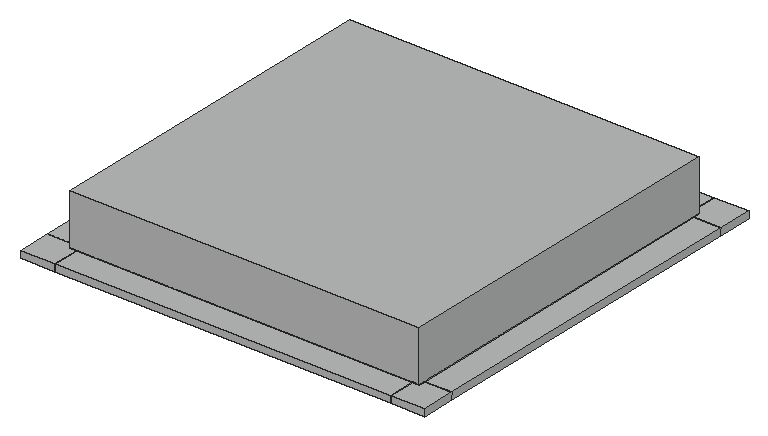
Revit family "ALUMOGIPS", category Осветительные приборы, Revit 2019 (continued)
Types (72, lengths in mm): name | Файл фотометрической сетки | built-in parameter 1150105 | Lumens | built-in parameter 1150106 | built-in parameter 1150142 | Wattage | Emit from Rectangle Width | Emit from Rectangle Length | Длина | Материал светильника | Ширина | ADSK_Ток | ADSK_Полная мощность | ADSK_Обозначение | ADSK_Номинальная мощность | ADSK_Наименование | ADSK_Масса | ADSK_Код изделия
    95 0.395 0.395 0.395 0.395 0.395 0.296 0.296 0.296 0.296 0.296 0.296 0.296 0.296 0.197 \r\n0.197 0.197 0.197 0.197 0.197 0.197 0.197 0.098 0.098 0.098 0.098 0.098 0.098 0.098 0.098 0.000 0.000 0.000 0.000 \r\n1417.637 1417.341 1414.085 1408.658 1400.568 1390.010 1377.085 1361.002 1342.947 1322.522 1300.026 1275.261 1248.621 1220.205 1189.817 1157.849 1124.598 1089.670 \r\n1053.460 1016.065 977.881 938.119 898.060 856.917 815.575 773.149 730.722 687.901 644.390 600.877 557.168 513.262 470.046 426.534 383.121 340.497 298.761 257.814 218.151 179.473 \r\n140.501 105.672 72.816 41.835 13.714 0.592 0.592 0.493 0.493 0.493 0.493 0.493 0.493 0.493 0.493 0.395 0.395 0.395 0.395 0.395 0.395 0.395 0.395 0.296 0.296 0.296 0.296 0.296 0.296 0.296 0.296 0.197 \r\n0.197 0.197 0.197 0.197 0.197 0.197 0.197 0.098 0.098 0.098 0.098 0.098 0.098 0.098 0.098 0.000 0.000 0.000 0.000 \r\n1417.637 1417.439 1414.183 1408.855 1400.765 1390.306 1377.381 1361.397 1343.341 1323.015 1300.520 1275.656 1249.114 1220.699 1190.408 1158.440 1125.190 1090.262 \r\n1054.151 1016.755 978.473 938.809 898.750 857.607 816.266 773.839 731.413 688.592 645.080 601.469 557.859 513.854 470.638 427.126 383.615 340.990 299.254 258.209 218.546 179.770 \r\n140.896 105.967 73.013 42.031 13.912 0.592 0.592 0.493 0.493 0.493 0.493 0.493 0.493 0.493 0.493 0.395 0.395 0.395 0.395 0.395 0.395 0.395 0.395 0.296 0.296 0.296 0.296 0.296 0.296 0.296 0.296 0.197 \r\n0.197 0.197 0.197 0.197 0.197 0.197 0.197 0.098 0.098 0.098 0.098 0.098 0.098 0.098 0.098 0.000 0.000 0.000 0.000 \r\n1417.637 1417.439 1414.282 1408.954 1400.963 1390.603 1377.677 1361.792 1343.735 1323.410 1301.014 1276.149 1249.608 1221.291 1191.000 1159.032 1125.782 1090.953 \r\n1054.841 1017.446 979.164 939.500 899.442 858.298 816.957 774.530 732.103 689.184 645.672 602.160 558.451 514.446 471.230 427.619 384.108 341.484 299.649 258.604 218.940 180.165 \r\n141.191 106.264 73.309 42.229 14.208 0.592 0.592 0.493 0.493 0.493 0.493 0.493 0.493 0.493 0.493 0.395 0.395 0.395 0.395 0.395 0.395 0.395 0.395 0.296 0.296 0.296 0.296 0.296 0.296 0.296 0.296 0.197 \r\n0.197 0.197 0.197 0.197 0.197 0.197 0.197 0.098 0.098 0.098 0.098 0.098 0.098 0.098 0.098 0.000 0.000 0.000 0.000 \r\n1417.637 1417.538 1414.380 1409.152 1401.258 1390.898 1378.072 1362.087 1344.130 1323.805 1301.408 1276.643 1250.200 1221.784 1191.593 1159.625 1126.374 1091.545 \r\n1055.433 1018.137 979.855 940.290 900.133 858.988 817.647 775.221 732.794 689.875 646.362 602.851 559.043 515.137 471.822 428.212 384.700 341.977 300.142 259.097 219.335 180.559 \r\n141.487 106.560 73.506 42.525 14.405 0.592 0.592 0.493 0.493 0.493 0.493 0.493 0.493 0.493 0.493 0.395 0.395 0.395 0.395 0.395 0.395 0.395 0.395 0.296 0.296 0.296 0.296 0.296 0.296 0.296 0.296 0.197 \r\n0.197 0.197 0.197 0.197 0.197 0.197 0.197 0.098 0.098 0.098 0.098 0.098 0.098 0.098 0.098 0.000 0.000 0.000 0.000 \r\n1417.637 1417.538 1414.480 1409.250 1401.456 1391.096 1378.367 1362.482 1344.525 1324.200 1301.902 1277.136 1250.693 1222.376 1192.184 1160.315 1127.064 1092.235 \r\n1056.124 1018.828 980.545 940.980 900.823 859.679 818.338 776.010 733.485 690.565 647.054 603.443 559.734 515.728 472.414 428.705 385.193 342.470 300.537 259.492 219.730 180.856 \r\n141.882 106.855 73.802 42.723 14.602 0.592 0.592 0.493 0.493 0.493 0.493 0.493 0.493 0.493 0.493 0.395 0.395 0.395 0.395 0.395 0.395 0.395 0.395 0.296 0.296 0.296 0.296 0.296 0.296 0.296 0.296 0.197 \r\n0.197 0.197 0.197 0.197 0.197 0.197 0.197 0.098 0.098 0.098 0.098 0.098 0.098 0.098 0.098 0.000 0.000 0.000 0.000 \r\n1417.637 1417.637 1414.578 1409.447 1401.653 1391.391 1378.663 1362.877 1344.920 1324.693 1302.395 1277.630 1251.187 1222.968 1192.678 1160.908 1127.657 1092.827 \r\n1056.814 1019.419 981.236 941.671 901.514 860.369 819.028 776.701 734.175 691.256 647.645 604.133 560.326 516.320 473.006 429.297 385.785 342.963 301.030 259.887 220.125 181.249 \r\n142.178 107.152 74.099 42.920 14.800 0.592 0.592 0.493 0.493 0.493 0.493 0.493 0.493 0.493 0.493 0.395 0.395 0.395 0.395 0.395 0.395 0.395 0.395 0.296 0.296 0.296 0.296 0.296 0.296 0.296 0.296 0.197 \r\n0.197 0.197 0.197 0.197 0.197 0.197 0.197 0.098 0.098 0.098 0.098 0.098 0.098 0.098 0.098 0.000 0.000 0.000 0.000 \r\n1417.637 1417.637 1414.677 1409.645 1401.851 1391.688 1378.960 1363.173 1345.314 1325.088 1302.790 1278.123 1251.680 1223.461 1193.269 1161.499 1128.249 1093.518 \r\n1057.406 1020.110 981.926 942.361 902.204 861.159 819.719 777.391 734.867 691.946 648.335 604.726 561.017 516.913 473.598 429.888 386.279 343.458 301.524 260.380 220.519 181.644 \r\n142.474 107.448 74.296 43.216 15.096 0.592 0.592 0.493 0.493 0.493 0.493 0.493 0.493 0.493 0.493 0.395 0.395 0.395 0.395 0.395 0.395 0.395 0.395 0.296 0.296 0.296 0.296 0.296 0.296 0.296 0.296 0.197 \r\n0.197 0.197 0.197 0.197 0.197 0.197 0.197 0.098 0.098 0.098 0.098 0.098 0.098 0.098 0.098 0.000 0.000 0.000 0.000 \r\n1417.637 1417.736 1414.775 1409.743 1402.146 1391.984 1379.355 1363.568 1345.709 1325.482 1303.283 1278.616 1252.272 1224.054 1193.862 1162.091 1128.940 1094.110 \r\n1058.097 1020.801 982.617 943.052 902.994 861.850 820.410 778.082 735.458 692.637 649.027 605.416 561.608 517.504 474.190 430.383 386.772 343.951 301.918 260.775 220.913 181.941 \r\n142.770 107.743 74.592 43.413 15.293 0.592 0.592 0.493 0.493 0.493 0.493 0.493 0.493 0.493 0.493 0.395 0.395 0.395 0.395 0.395 0.395 0.395 0.395 0.296 0.296 0.296 0.296 0.296 0.296 0.296 0.296 0.197 \r\n0.197 0.197 0.197 0.197 0.197 0.197 0.197 0.098 0.098 0.098 0.098 0.098 0.098 0.098 0.098 0.000 0.000 0.000 0.000 \r\n1417.637 1417.736 1414.874 1409.940 1402.344 1392.181 1379.650 1363.962 1346.104 1325.877 1303.776 1279.109 1252.766 1224.547 1194.454 1162.782 1129.531 1094.702 \r\n1058.788 1021.492 983.308 943.742 903.684 862.540 821.100 778.773 736.148 693.327 649.618 606.107 562.298 518.096 474.782 430.974 387.364 344.444 302.412 261.170 221.308 182.335 \r\n143.165 108.040 74.789 43.611 15.490 0.592 0.592 0.493 0.493 0.493 0.493 0.493 0.493 0.493 0.493 0.395 0.395 0.395 0.395 0.395 0.395 0.395 0.395 0.296 0.296 0.296 0.296 0.296 0.296 0.296 0.296 0.197 \r\n0.197 0.197 0.197 0.197 0.197 0.197 0.197 0.098 0.098 0.098 0.098 0.098 0.098 0.098 0.098 0.000 0.000 0.000 0.000 \r\n1417.637 1417.834 1414.973 1410.138 1402.541 1392.477 1379.946 1364.258 1346.499 1326.272 1304.171 1279.603 1253.259 1225.139 1195.045 1163.374 1130.123 1095.393 \r\n1059.478 1022.183 983.999 944.433 904.375 863.231 821.792 779.464 736.840 693.920 650.309 606.699 562.891 518.787 475.374 431.566 387.857 344.937 302.906 261.663 221.703 182.730 \r\n143.461 108.237 75.085 43.906 15.688 0.592 0.592 0.493 0.493 0.493 0.493 0.493 0.493 0.493 0.493 0.395 0.395 0.395 0.395 0.395 0.395 0.395 0.395 0.296 0.296 0.296 0.296 0.296 0.296 0.296 0.296 0.197 \r\n0.197 0.197 0.197 0.197 0.197 0.197 0.197 0.098 0.098 0.098 0.098 0.098 0.098 0.098 0.098 0.000 0.000 0.000 0.000 \r\n1417.637 1417.834 1415.071 1410.237 1402.837 1392.772 1380.243 1364.653 1346.892 1326.765 1304.664 1280.096 1253.752 1225.730 1195.638 1163.965 1130.814 1095.984 \r\n1060.071 1022.873 984.689 945.124 905.066 863.922 822.482 780.154 737.531 694.610 651.000 607.390 563.581 519.379 475.966 432.059 388.350 345.431 303.300 262.058 222.098 183.026 \r\n143.757 108.533 75.282 44.104 15.983 0.592 0.592 0.493 0.493 0.493 0.493 0.493 0.493 0.493 0.493 0.395 0.395 0.395 0.395 0.395 0.395 0.395 0.395 0.296 0.296 0.296 0.296 0.296 0.296 0.296 0.296 0.197 \r\n0.197 0.197 0.197 0.197 0.197 0.197 0.197 0.098 0.098 0.098 0.098 0.098 0.098 0.098 0.098 0.000 0.000 0.000 0.000 \r\n1417.637 1417.932 1415.170 1410.434 1403.034 1393.069 1380.636 1365.048 1347.287 1327.160 1305.157 1280.589 1254.344 1226.225 1196.230 1164.558 1131.406 1096.675 \r\n1060.761 1023.564 985.380 945.815 905.756 864.613 823.173 780.845 738.221 695.301 651.592 608.080 564.174 519.971 476.558 432.652 388.943 345.924 303.794 262.453 222.492 183.420 \r\n144.151 108.829 75.579 44.301 16.181 0.592 0.592 0.493 0.493 0.493 0.493 0.493 0.493 0.493 0.493 0.395 0.395 0.395 0.395 0.395 0.395 0.395 0.395 0.296 0.296 0.296 0.296 0.296 0.296 0.296 0.296 0.197 \r\n0.197 0.197 0.197 0.197 0.197 0.197 0.197 0.098 0.098 0.098 0.098 0.098 0.098 0.098 0.098 0.000 0.000 0.000 0.000 \r\n1417.637 1417.932 1415.268 1410.533 1403.232 1393.365 1380.933 1365.443 1347.682 1327.555 1305.552 1281.082 1254.837 1226.816 1196.821 1165.150 1131.998 1097.267 \r\n1061.452 1024.254 986.070 946.506 906.447 865.401 823.863 781.535 738.912 695.991 652.282 608.672 564.864 520.563 477.150 433.145 389.436 346.417 304.287 262.946 222.887 183.815 \r\n144.448 109.125 75.874 44.597 16.378 0.592 0.592 0.493 0.493 0.493 0.493 0.493 0.493 0.493 0.493 0.395 0.395 0.395 0.395 0.395 0.395 0.395 0.395 0.296 0.296 0.296 0.296 0.296 0.296 0.296 0.296 0.197 \r\n0.197 0.197 0.197 0.197 0.197 0.197 0.197 0.098 0.098 0.098 0.098 0.098 0.098 0.098 0.098 0.000 0.000 0.000 0.000 \r\n1417.637 1418.031 1415.368 1410.730 1403.527 1393.562 1381.229 1365.738 1348.077 1327.949 1306.045 1281.575 1255.331 1227.310 1197.414 1165.841 1132.689 1097.958 \r\n1062.043 1024.846 986.761 947.196 907.137 866.092 824.554 782.226 739.602 696.683 652.973 609.363 565.456 521.155 477.742 433.737 390.028 346.910 304.681 263.341 223.282 184.111 \r\n144.743 109.421 76.072 44.794 16.576 0.592 0.592 0.493 0.493 0.493 0.493 0.493 0.493 0.493 0.493 0.395 0.395 0.395 0.395 0.395 0.395 0.395 0.395 0.296 0.296 0.296 0.296 0.296 0.296 0.296 0.296 0.197 \r\n0.197 0.197 0.197 0.197 0.197 0.197 0.197 0.098 0.098 0.098 0.098 0.098 0.098 0.098 0.098 0.000 0.000 0.000 0.000 \r\n1417.637 1418.031 1415.466 1410.928 1403.725 1393.858 1381.524 1366.133 1348.472 1328.443 1306.440 1282.070 1255.824 1227.901 1198.006 1166.433 1133.280 1098.550 \r\n1062.735 1025.537 987.451 947.887 907.829 866.784 825.244 782.916 740.293 697.373 653.565 610.053 566.147 521.747 478.334 434.328 390.521 347.404 305.175 263.735 223.677 184.506 \r\n145.039 109.717 76.368 44.992 16.871 0.592 0.592 0.493 0.493 0.493 0.493 0.493 0.493 0.493 0.493 0.395 0.395 0.395 0.395 0.395 0.395 0.395 0.395 0.296 0.296 0.296 0.296 0.296 0.296 0.296 0.296 0.197 \r\n0.197 0.197 0.197 0.197 0.197 0.197 0.197 0.098 0.098 0.098 0.098 0.098 0.098 0.098 0.098 0.000 0.000 0.000 0.000 \r\n1417.637 1418.130 1415.565 1411.026 1403.922 1394.154 1381.919 1366.527 1348.866 1328.837 1306.933 1282.563 1256.416 1228.494 1198.597 1167.024 1133.873 1099.241 \r\n1063.425 1026.228 988.143 948.676 908.519 867.474 825.935 783.608 740.983 698.064 654.256 610.646 566.739 522.438 478.926 434.822 391.014 347.897 305.569 264.229 224.072 184.901 \r\n145.434 110.013 76.565 45.288 17.069 0.592 0.592 0.493 0.493 0.493 0.493 0.493 0.493 0.493 0.493 0.395 0.395 0.395 0.395 0.395 0.395 0.395 0.395 0.296 0.296 0.296 0.296 0.296 0.296 0.296 0.296 0.197 \r\n0.197 0.197 0.197 0.197 0.197 0.197 0.197 0.098 0.098 0.098 0.098 0.098 0.098 0.098 0.098 0.000 0.000 0.000 0.000 \r\n1417.637 1418.130 1415.762 1411.223 1404.218 1394.450 1382.216 1366.824 1349.261 1329.231 1307.427 1283.056 1256.910 1228.987 1199.190 1167.616 1134.563 1099.833 \r\n1064.016 1026.918 988.833 949.367 909.308 868.165 826.625 784.298 741.674 698.656 654.946 611.336 567.430 523.030 479.518 435.414 391.606 348.391 306.063 264.623 224.465 185.196 \r\n145.730 110.309 76.861 45.485 17.266 0.592 0.592 0.493 0.493 0.493 0.493 0.493 0.493 0.493 0.493 0.395 0.395 0.395 0.395 0.395 0.395 0.395 0.395 0.296 0.296 0.296 0.296 0.296 0.296 0.296 0.296 0.197 \r\n0.197 0.197 0.197 0.197 0.197 0.197 0.197 0.098 0.098 0.098 0.098 0.098 0.098 0.098 0.098 0.000 0.000 0.000 0.000 \r\n1417.637 1418.229 1415.861 1411.421 1404.415 1394.746 1382.512 1367.219 1349.656 1329.626 1307.821 1283.549 1257.403 1229.579 1199.782 1168.209 1135.155 1100.523 \r\n1064.708 1027.609 989.425 950.057 909.998 868.855 827.317 784.989 742.365 699.347 655.538 611.928 568.021 523.622 480.110 436.006 392.100 348.884 306.556 265.017 224.860 185.591 \r\n146.026 110.605 77.157 45.781 17.464 0.592 0.592 0.493 0.493 0.493 0.493 0.493 0.493 0.493 0.493 0.395 0.395 0.395 0.395 0.395 0.395 0.395 0.395 0.296 0.296 0.296 0.296 0.296 0.296 0.296 0.296 0.197 \r\n0.197 0.197 0.197 0.197 0.197 0.197 0.197 0.098 0.098 0.098 0.098 0.098 0.098 0.098 0.098 0.000 0.000 0.000 0.000 \r\n1417.637 1418.229 1415.960 1411.519 1404.613 1394.943 1382.807 1367.612 1350.051 1330.119 1308.315 1284.043 1257.896 1230.072 1200.275 1168.899 1135.748 1101.116 \r\n1065.398 1028.300 990.115 950.748 910.689 869.644 828.007 785.679 743.056 700.037 656.229 612.619 568.713 524.214 480.702 436.499 392.593 349.377 306.951 265.511 225.255 185.986 \r\n146.421 110.901 77.355 45.978 17.759 0.592 0.592 0.493 0.493 0.493 0.493 0.493 0.493 0.493 0.493 0.395 0.395 0.395 0.395 0.395 0.395 0.395 0.395 0.296 0.296 0.296 0.296 0.296 0.296 0.296 0.296 0.197 \r\n0.197 0.197 0.197 0.197 0.197 0.197 0.197 0.098 0.098 0.098 0.098 0.098 0.098 0.098 0.098 0.000 0.000 0.000 0.000 \r\n1417.637 1418.327 1416.058 1411.716 1404.810 1395.240 1383.202 1367.909 1350.445 1330.514 1308.808 1284.536 1258.488 1230.664 1200.867 1169.491 1136.339 1101.806 \r\n1066.089 1028.991 990.807 951.438 911.381 870.335 828.698 786.370 743.746 700.728 656.920 613.310 569.304 524.806 481.294 437.091 393.185 349.871 307.444 265.905 225.650 186.381 \r\n146.717 111.197 77.650 46.176 17.957 0.592 0.592 0.493 0.493 0.493 0.493 0.493 0.493 0.493 0.493 0.395 0.395 0.395 0.395 0.395 0.395 0.395 0.395 0.296 0.296 0.296 0.296 0.296 0.296 0.296 0.296 0.197 \r\n0.197 0.197 0.197 0.197 0.197 0.197 0.197 0.098 0.098 0.098 0.098 0.098 0.098 0.098 0.098 0.000 0.000 0.000 0.000 \r\n1417.637 1418.327 1416.156 1411.816 1405.106 1395.535 1383.498 1368.304 1350.839 1330.909 1309.203 1285.029 1258.981 1231.256 1201.459 1170.083 1137.030 1102.398 \r\n1066.680 1029.681 991.497 952.129 912.071 871.026 829.388 787.061 744.437 701.418 657.512 613.901 569.995 525.398 481.886 437.585 393.678 350.364 307.938 266.300 226.044 186.676 \r\n147.012 111.493 77.848 46.472 18.154 0.592 0.592 0.493 0.493 0.493 0.493 0.493 0.493 0.493 0.493 0.395 0.395 0.395 0.395 0.395 0.395 0.395 0.395 0.296 0.296 0.296 0.296 0.296 0.296 0.296 0.296 0.197 \r\n0.197 0.197 0.197 0.197 0.197 0.197 0.197 0.098 0.098 0.098 0.098 0.098 0.098 0.098 0.098 0.000 0.000 0.000 0.000 \r\n1417.637 1418.426 1416.255 1412.013 1405.303 1395.831 1383.794 1368.698 1351.234 1331.304 1309.696 1285.522 1259.474 1231.750 1202.051 1170.675 1137.622 1103.089 \r\n1067.372 1030.273 992.188 952.820 912.762 871.716 830.079 787.751 745.127 702.109 658.202 614.593 570.587 526.088 482.478 438.177 394.171 350.857 308.332 266.793 226.439 187.071 \r\n147.309 111.690 78.144 46.670 18.451 0.592 0.592 0.493 0.493 0.493 0.493 0.493 0.493 0.493 0.493 0.395 0.395 0.395 0.395 0.395 0.395 0.395 0.395 0.296 0.296 0.296 0.296 0.296 0.296 0.296 0.296 0.197 \r\n0.197 0.197 0.197 0.197 0.197 0.197 0.197 0.098 0.098 0.098 0.098 0.098 0.098 0.098 0.098 0.000 0.000 0.000 0.000 \r\n1417.637 1418.426 1416.354 1412.211 1405.501 1396.029 1384.090 1369.093 1351.629 1331.797 1310.189 1286.016 1259.968 1232.341 1202.643 1171.366 1138.214 1103.680 \r\n1068.062 1030.964 992.878 953.511 913.452 872.407 830.770 788.442 745.818 702.799 658.893 615.283 571.179 526.680 483.070 438.769 394.763 351.350 308.826 267.188 226.834 187.466 \r\n147.703 111.987 78.440 46.866 18.648 0.592 0.592 0.493 0.493 0.493 0.493 0.493 0.493 0.493 0.493 0.395 0.395 0.395 0.395 0.395 0.395 0.395 0.395 0.296 0.296 0.296 0.296 0.296 0.296 0.296 0.296 0.197 \r\n0.197 0.197 0.197 0.197 0.197 0.197 0.197 0.098 0.098 0.098 0.098 0.098 0.098 0.098 0.098 0.000 0.000 0.000 0.000 \r\n1417.637 1418.525 1416.453 1412.309 1405.796 1396.325 1384.485 1369.388 1352.024 1332.192 1310.584 1286.509 1260.560 1232.835 1203.235 1171.958 1138.905 1104.371 \r\n1068.654 1031.655 993.569 954.202 914.143 873.098 831.460 789.133 746.410 703.392 659.485 615.874 571.870 527.273 483.662 439.262 395.257 351.844 309.319 267.583 227.229 187.762 \r\n148.000 112.282 78.637 47.163 18.845 0.592 0.592 0.493 0.493 0.493 0.493 0.493 0.493 0.493 0.493 0.395 0.395 0.395 0.395 0.395 0.395 0.395 0.395 0.296 0.296 0.296 0.296 0.296 0.296 0.296 0.296 0.197 \r\n0.197 0.197 0.197 0.197 0.197 0.197 0.197 0.098
